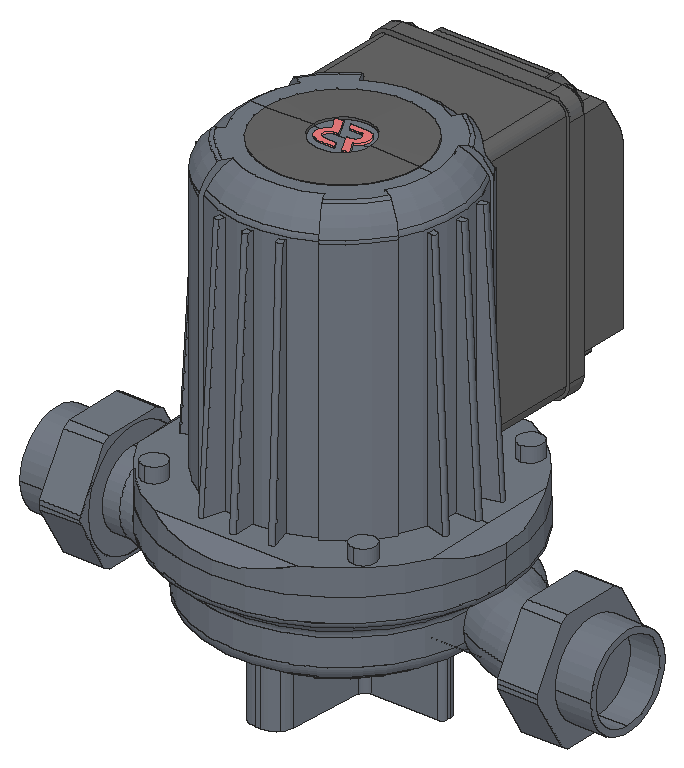
Revit family "Ридан_RWS 25-120S 200_Насос циркуляционный", category Оборудование, Revit 2019
Family settings
  Размер круглого соединителя = Использовать диаметр
  Классификация = Насос
  Тип детали = Вставляется
  На основе рабочей плоскости = Нет
  Всегда вертикально = Да
  При загрузке вырезать с полостями = Нет
  Общий = Нет
  Точка расчета площади = Нет
Parameters (values of type "015P1230 — RW 25-120S 200")
  Разработка семейства = "Вадим Муратов ♦ muratovbim.pro"  # constant formula
  Присоединительные фитинги [instance] = yes
  Отступ соединителей в фитинге [instance] = 0 mm
  Максимальный отступ [instance] = 12.5 mm  # constant formula
  Коэффициент расхода [instance] = 1
  Корпус = Ридан_Корпус насоса RW
  Длина фитинга = 7 mm  # constant formula
  Диаметр резьбы = 48 mm
  Диаметр подключения [instance] = if(Присоединительные фитинги, if(ADSK_Диаметр условный = 20 mm, 15 mm, if(ADSK_Диаметр условный = 25 mm, 20 mm, if(ADSK_Диаметр условный = 40 mm, 25 mm, if(ADSK_Диаметр условный = 50 mm, 32 mm, ADSK_Диаметр условный)))), ADSK_Диаметр условный)  # 25 mm
  e [instance] = if(Отступ соединителей в фитинге > Максимальный отступ, Максимальный отступ, Отступ соединителей в фитинге)  # 0 mm
  URL = "https://ridan.ru/"
  L1 = ADSK_Размер_Длина  # 200 mm
  L [instance] = if(Присоединительные фитинги, L1 + 2 * Длина фитинга + 2 * e, ADSK_Размер_Длина)  # 214 mm
  ADSK_Ток = 1.5 A
  ADSK_Свободный напор жидкости [instance] = 0.0 Pa
  ADSK_Расход жидкости [instance] = 0 m³/h
  ADSK_Размер_Длина = 200 mm
  ADSK_Полная мощность = ADSK_Номинальная мощность / ADSK_Коэффициент мощности  # 300 VA
  ADSK_Номинальная мощность = 300 W
  ADSK_Напряжение = 230 V
  ADSK_Наименование краткое = ""
  ADSK_Наименование = "Насос циркуляционный с мокрым ротором, длина 200 мм, G 1 1/2\" НР, Qном = 3 м³/ч, H=9.6 м, P=300 Вт, 220 В"
  ADSK_Масса_Текст = ""
  ADSK_Масса = 6.6
  ADSK_Марка = "RW 25-120S 200"
  ADSK_Коэффициент мощности = 1
  ADSK_Количество фаз = 1
  ADSK_Количество = 1  # constant formula
  ADSK_Код изделия = "015P1230"
  ADSK_Классификация нагрузок = Двигатель
  ADSK_Завод-изготовитель = "ООО «Ридан-Трейд»"  # constant formula
  ADSK_Единица измерения = "шт."
  ADSK_Диаметр условный = 40 mm
  ADSK_Версия семейства = "1.1"  # constant formula
  ADSK_Версия Revit = "2019"  # constant formula
Reference planes
  plane 1 "По центру (Вперед/Назад)": y = 0
  plane 2: z = 0
  plane 3 "По центру (Влево/Вправо)": x = 0
  plane 4: x = -100
  plane 5: x = 100
  plane 6: x = 88
  plane 7: x = -88
  plane 8: x = -107
  plane 9: x = 107
Forms (mm)
  Extrusion 1, solid, material "Ридан_Корпус насоса RW" <- "Корпус", detail levels fine
    sketch origin (0, 0, 0) x (0, 1, 0) y (0, 0, 1)
      loop
        line (2, -10) -> (2, 8) -> (-2, 8) -> (-2, -10)
        arc (-2, -10) -> (0, -12) -> (2, -10) r 2
    from 88 to 0
  Revolve 2, solid, material "Ридан_Корпус насоса RW" <- "Корпус", detail levels fine
    sketch origin (0, 0, 0) x (1, 0, 0) y (0, 0, 1)
      loop
        line (13.765, 0) -> (-2.235, 0) -> (-2.235, -22.012)
        arc (-2.235, -22.012) -> (9.079, -17.326) -> (13.765, -6.012) r 16
        line (13.765, -6.012) -> (13.765, 0)
      axis (-2.235, -22.012) -> (-2.235, 0)
    angle from 0 to 360
  Extrusion 3, solid, material "Ридан_Корпус насоса RW" <- "Корпус", detail levels fine
    sketch origin (0, 0, 0) x (0, 1, 0) y (0, 0, 1)
      loop
        circle (0, 0) r 24
    from 88 to 100
  Extrusion 4, solid, material "Ридан_Корпус насоса RW" <- "Корпус", detail levels fine
    sketch origin (0, 286.788, 409.576) x (0, 1, 0) y (0, 0, 1)
      loop
        circle (-286.788, -409.576) r 24
    from -100 to -88
  Sweep 5, solid, material "Ридан_Корпус насоса RW" <- "Корпус", detail levels fine
    path in 3D
      loop
        line (-2.106, 0, -9) -> (-54.606, 0, -9)
        arc (-54.606, 0, -9) -> (-62.565, 0, -7.699) -> (-69.695, 0, -3.932) r 25
        line (-69.695, 0, -3.932) -> (-70.338, 0, -3.446)
        arc (-70.338, 0, -3.446) -> (-75.187, 0, -0.884) -> (-80.599, 0, 0) r 17
        line (-80.599, 0, 0) -> (-88, 0, 0)
    profile origin (-28.356, 0, -9) x (0, 0, -1) y (0, -1, 0)
      loop
        circle (0, 0) r 16
  Extrusion 6, solid, material "Ридан_Корпус насоса RW" <- "Корпус", detail levels fine
    sketch origin (0, 0, 0) x (1, 0, 0) y (0, 1, 0)
      loop
        arc (9.08, 36.628) -> (6.535, 41.875) -> (1.105, 44) r 8
        line (1.105, 44) -> (-1.105, 44)
        arc (-1.105, 44) -> (-6.535, 41.875) -> (-9.08, 36.628) r 8
        line (-9.08, 36.628) -> (-11.49, 6.015)
        arc (-11.49, 6.015) -> (-12.444, 4.047) -> (-14.48, 3.25) r 3
        line (-14.48, 3.25) -> (-42.5, 3.25)
        arc (-42.5, 3.25) -> (-44.268, 2.518) -> (-45, 0.75) r 2.5
        line (-45, 0.75) -> (-45, -0.75)
        arc (-45, -0.75) -> (-44.268, -2.518) -> (-42.5, -3.25) r 2.5
        line (-42.5, -3.25) -> (-14.48, -3.25)
        arc (-14.48, -3.25) -> (-12.444, -4.047) -> (-11.49, -6.015) r 3
        line (-11.49, -6.015) -> (-9.08, -36.628)
        arc (-9.08, -36.628) -> (-8.528, -38.983) -> (-7.297, -41.065) r 8
        arc (-7.297, -41.065) -> (-4.531, -43.229) -> (-1.105, -44) r 8
        line (-1.105, -44) -> (1.105, -44)
        arc (1.105, -44) -> (4.531, -43.229) -> (7.297, -41.065) r 8
        arc (7.297, -41.065) -> (8.528, -38.983) -> (9.08, -36.628) r 8
        line (9.08, -36.628) -> (11.49, -6.015)
        arc (11.49, -6.015) -> (12.444, -4.047) -> (14.48, -3.25) r 3
        line (14.48, -3.25) -> (42.5, -3.25)
        arc (42.5, -3.25) -> (44.268, -2.518) -> (45, -0.75) r 2.5
        line (45, -0.75) -> (45, 0.75)
        arc (45, 0.75) -> (44.268, 2.518) -> (42.5, 3.25) r 2.5
        line (42.5, 3.25) -> (14.48, 3.25)
        arc (14.48, 3.25) -> (12.444, 4.047) -> (11.49, 6.015) r 3
        line (11.49, 6.015) -> (9.08, 36.628)
    from 0 to -40
  Sweep 7, solid, material "Ридан_Корпус насоса RW" <- "Корпус", detail levels fine
    path in 3D
      loop
        arc (88, 0, 0) -> (68.982, 4.216, 0) -> (53.528, 16.075, 0) r 45
        arc (53.528, 16.075, 0) -> (34.248, 31.115, 0) -> (10.509, 36.981, 0) r 58.61
    profile origin (68.982, 4.216, 0) x (-0.422618, -0.906308, 0) y (0, 0, 1)
      loop
        circle (0, 0) r 16
Cuts and joins
  joined: Extrusion 1, Revolve 2
Lines and regions (mm)
  reference lines
    curve 1: line (-107, 0, 0) -> (107, 0, 0)
    curve 2: line (-88, 0, 0) -> (-80.599, 0, 0)
    curve 3: line (-2.106, 0, -9) -> (-54.606, 0, -9)
    curve 4: line (-70.338, 0, -3.446) -> (-69.695, 0, -3.932)
    curve 5: arc (-80.599, 0, 0) -> (-75.187, 0, -0.884) -> (-70.338, 0, -3.446) r 17
    curve 6: arc (-54.606, 0, -9) -> (-62.565, 0, -7.699) -> (-69.695, 0, -3.932) r 25
    curve 12: arc (88, 0, 0) -> (68.982, 4.216, 0) -> (53.528, 16.075, 0) r 45
    curve 14: arc (53.528, 16.075, 0) -> (34.248, 31.115, 0) -> (10.509, 36.981, 0) r 58.61
  sketch lines
    curve 7: line (-2.106, 0, -9) -> (-54.606, 0, -9)
    curve 8: arc (-54.606, 0, -9) -> (-62.565, 0, -7.699) -> (-69.695, 0, -3.932) r 25
    curve 9: arc (-80.599, 0, 0) -> (-75.187, 0, -0.884) -> (-70.338, 0, -3.446) r 17
    curve 10: line (-88, 0, 0) -> (-80.599, 0, 0)
    curve 11: line (-70.338, 0, -3.446) -> (-69.695, 0, -3.932)
    curve 13: arc (88, 0, 0) -> (68.982, 4.216, 0) -> (53.528, 16.075, 0) r 45
    curve 15: arc (53.528, 16.075, 0) -> (34.248, 31.115, 0) -> (10.509, 36.981, 0) r 58.61
Dimensions and locks
  "ADSK_Размер_Длина": plane 5 to plane 4
  locked: plane 7 to plane 4 at 12
  plane 6 to plane 5 = 12 mm
  equal spacing: plane 5, plane 3 "По центру (Влево/Вправо)", plane 4
  equal spacing: plane 8, plane 3 "По центру (Влево/Вправо)", plane 9
  "L": plane 8 to plane 9
  "Диаметр резьбы": diameter of Extrusion 3 sketch curve
  "Диаметр резьбы": diameter of Extrusion 4 sketch curve
  aligned and locked: level to plane 2
  aligned and locked: curve 1 to level
  aligned and locked: nested 1 to plane 1 "По центру (Вперед/Назад)"
  aligned and locked: plane 3 "По центру (Влево/Вправо)" to nested 1
  aligned and locked: nested 2 to level
  aligned and locked: plane 3 "По центру (Влево/Вправо)" to nested 2
  aligned and locked: Extrusion 1 to plane 6
  aligned and locked: plane 2 to Extrusion 3 sketch curve
  aligned and locked: plane 1 "По центру (Вперед/Назад)" to Extrusion 3 sketch curve
  aligned and locked: plane 2 to Extrusion 4 sketch curve
  aligned and locked: plane 1 "По центру (Вперед/Назад)" to Extrusion 4 sketch curve
  aligned and locked: plane 7 to Extrusion 4
  aligned and locked: Extrusion 4 to plane 4
  aligned and locked: plane 6 to Extrusion 3
  aligned and locked: Extrusion 3 to plane 5
  aligned and locked: plane 1 "По центру (Вперед/Назад)" to nested 3
  aligned and locked: plane 3 "По центру (Влево/Вправо)" to nested 3
  aligned and locked: plane 3 "По центру (Влево/Вправо)" to nested 4
  aligned and locked: plane 1 "По центру (Вперед/Назад)" to nested 4
  aligned and locked: plane 9 to curve 1
  aligned and locked: plane 8 to curve 1
Automatic sketch dimensions
  Extrusion 1 sketch curve to plane 1 "По центру (Вперед/Назад)" = 0 mm
  plane 1 "По центру (Вперед/Назад)" to Extrusion 1 sketch curve = 2 mm
  Extrusion 1 sketch curve to level = 10 mm
  Sweep 5 sketch curve to profile plane = 0 mm  (x2)
  level to Extrusion 1 sketch curve = 8 mm
  Revolve 2 sketch curve to plane 3 "По центру (Влево/Вправо)" = 2.235 mm
  Revolve 2 sketch curve to level = 0 mm
  plane 3 "По центру (Влево/Вправо)" to Revolve 2 sketch curve = 13.765 mm
  Revolve 2 sketch curve to Revolve 2 sketch curve = 6.012 mm
  Revolve 2 sketch curve to Revolve 2 sketch curve = 0 mm
  Revolve 2 sketch curve to Revolve 2 sketch curve = 2.235 mm
  Revolve 2 sketch curve to Revolve 2 sketch curve = 2 mm
  curve 2 to level = 0 mm
  curve 2 to plane 7 = 0 mm
  plane 7 to curve 2 = 7.401 mm
  curve 4 to level = 3.446 mm
  curve 2 to curve 4 = 10.261 mm
  curve 4 to level = 3.932 mm
  curve 4 to curve 4 = 0.643 mm
  curve 6 to curve 6 = 15.09 mm
  curve 3 to level = 9 mm
  curve 3 to plane 3 "По центру (Влево/Вправо)" = 2.106 mm
  Extrusion 6 sketch curve to Extrusion 6 sketch curve = 0 mm  (x8)
  plane 1 "По центру (Вперед/Назад)" to Extrusion 6 sketch curve = 0.75 mm
  plane 5 to Extrusion 6 sketch curve = 145 mm
  Extrusion 6 sketch curve to Extrusion 6 sketch curve = 2.5 mm  (x2)
  Extrusion 6 sketch curve to Extrusion 6 sketch curve = 28.02 mm  (x2)
  Extrusion 6 sketch curve to plane 1 "По центру (Вперед/Назад)" = 6.015 mm  (x2)
  Extrusion 6 sketch curve to Extrusion 6 sketch curve = 2.991 mm  (x4)
  plane 1 "По центру (Вперед/Назад)" to Extrusion 6 sketch curve = 6.015 mm  (x2)
  plane 1 "По центру (Вперед/Назад)" to Extrusion 6 sketch curve = 36.628 mm  (x2)
  Extrusion 6 sketch curve to Extrusion 6 sketch curve = 2.409 mm  (x2)
  Extrusion 6 sketch curve to plane 1 "По центру (Вперед/Назад)" = 36.628 mm  (x2)
  Extrusion 6 sketch curve to Extrusion 6 sketch curve = 7.975 mm  (x4)
  Extrusion 6 sketch curve to Extrusion 6 sketch curve = 2.21 mm  (x2)
  Extrusion 6 sketch curve to Extrusion 6 sketch curve = 22.979 mm
  Extrusion 6 sketch curve to Extrusion 6 sketch curve = 7.372 mm
  Extrusion 6 sketch curve to Extrusion 6 sketch curve = 0.235 mm
  Extrusion 6 sketch curve to Extrusion 6 sketch curve = 1.5 mm  (x2)
  Extrusion 6 sketch curve to plane 1 "По центру (Вперед/Назад)" = 36 mm
  Extrusion 6 sketch curve to Extrusion 6 sketch curve = 1.783 mm  (x2)
  Sweep 7 sketch curve to profile plane = 0 mm
  profile plane to Sweep 7 sketch curve = 0 mm
  plane 1 "По центру (Вперед/Назад)" to curve 12 = 0 mm
  curve 12 to plane 6 = 0 mm
  plane 3 "По центру (Влево/Вправо)" to curve 14 = 8.63 mm
  plane 1 "По центру (Вперед/Назад)" to curve 14 = 21.599 mm
  curve 12 to plane 1 "По центру (Вперед/Назад)" = 45 mm
  curve 14 to curve 12 = 0 mm
  plane 3 "По центру (Влево/Вправо)" to curve 14 = 10.509 mm
  curve 1 to plane 9 = 0 mm
  curve 1 to plane 8 = 0 mm
  radius of Sweep 5 sketch curve = 16 mm
  radius of Sweep 7 sketch curve = 16 mm
Nested families
  nested 1: "УГО_ОБРД_Насос" at (0, 0, 0) x (1, 0, 0) z (0, 1, 0), D1 <- "ADSK_Размер_Длина", type "УГО_Насос", detail levels coarse+medium
    with УГО_D 197 mm, D1 200 mm, B 49.25 mm, A 170.607 mm
  nested 2: "УГО_ЭУ_Насос" at (0, 0, 0) x (1, 0, 0) z (0, -1, 0), Длина <- "ADSK_Размер_Длина", type "УГО_ЭУ_Насос", detail levels coarse+medium
    with Длина 200 mm, D 200 mm, A2 50 mm, A1 100 mm
  nested 3: "Ридан_Двигатель RW_300" at (0, 0, 0), type "Ридан_Двигатель RW_300", detail levels fine
  nested 4: "Присоединительные фитинги" at (0, 0, 0), Материал <- "Корпус", G <- "ADSK_Диаметр условный", visible <- "Присоединительные фитинги", type "Присоединительные фитинги"
    with Материал Ридан_Корпус насоса RW, x 0 mm, swd2 55.735 mm, swd1 57.735 mm, f 33.5 mm, e1 12.5 mm, e 12.5 mm, SW 50 mm, S 12.5 mm, R 25 mm, L2 15.2 mm, L1 16.8 mm, G 40 mm, DR 38.5 mm, DG 48 mm, L 200 mm
Connectors
  piping at (-107, 0, 0), diameter 25, driven by "Диаметр подключения", driven by "ADSK_Расход жидкости", driven by "Коэффициент расхода"
    settings: on curve 1, index 1, connector inside diameter 609.6 mm, connector length 0 mm, flow factor 1, pipe flow 0 m³/h, pressure drop 0.0 Pa, fitting loss kfactor 0, connector angle 0.00°, fixture units 0, engagement length 0 mm, angle of deflection 0.00°, flow configuration 2, flow direction 1, fitting loss method 0, system type 29, joint type 0, gender type 0, connector reference index 2, connector utility 0, adjustable connector no, is connector primary yes, connector description ""
  piping at (107, 0, 0), diameter 25, driven by "Диаметр подключения", driven by "ADSK_Расход жидкости", driven by "Коэффициент расхода"
    settings: on curve 1, index 2, connector inside diameter 609.6 mm, connector length 0 mm, flow factor 1, pipe flow 0 m³/h, pressure drop 0.0 Pa, fitting loss kfactor 0, connector angle 0.00°, fixture units 0, engagement length 0 mm, angle of deflection 0.00°, flow configuration 2, flow direction 2, fitting loss method 0, system type 29, joint type 0, gender type 0, connector reference index 1, connector utility 0, adjustable connector no, is connector primary no, connector description ""
  electrical at (-60.5, 60.3, 76), driven by "ADSK_Количество фаз", driven by "ADSK_Классификация нагрузок", driven by "ADSK_Напряжение", driven by "ADSK_Полная мощность", driven by "ADSK_Коэффициент мощности"
    settings: on nested 3, index 3, voltage 230 V, apparent load 300 VA, apparent load phase1 0 VA, apparent load phase2 0 VA, apparent load phase3 0 VA, power factor 1, load classification "Двигатель", number of poles 1, system type 30, power factor state 1, is connector primary yes, connector utility no, sub classification motor no, connector description ""
Definition of nested family "УГО_ОБРД_Насос"
  Parameters (values of type "УГО_Насос")
    УГО_D [instance] = D1 - 3 mm  # 197 mm
    D1 [instance] = 200 mm
    B [instance] = УГО_D / 4  # 49.25 mm
    A [instance] = 0.5 * УГО_D * sqrt(2 * (1 - cos(120.00°)))  # 170.607 mm
  Reference planes
    plane 1 "По центру (Вперед/Назад)": y = 0
    plane 2: z = 0
    plane 3 "По центру (Влево/Вправо)": x = 0
  Forms (mm)
    Extrusion 1, solid
      sketch origin (0, 0, 0) x (1, 0, 0) y (0, 0, 1)
        loop
          circle (0, 0) r 100
        loop
          line (98.5, 0) -> (-49.25, 85.304) -> (-49.25, -85.304) -> (98.5, 0)
      from -1 to 1
    Extrusion 2, solid
      sketch origin (0, 0, 0) x (1, 0, 0) y (0, 0, 1)
        loop
          line (-49.25, 85.304) -> (-49.25, -85.304) -> (98.5, 0) -> (-49.25, 85.304)
      from -1 to 1
  Dimensions and locks
    "A": Extrusion 1 sketch curve to Extrusion 1 sketch curve  (x2)
    "A": Extrusion 2 sketch curve to Extrusion 2 sketch curve  (x2)
    "B": Extrusion 1 sketch curve to plane 3 "По центру (Влево/Вправо)"
    "B": Extrusion 2 sketch curve to plane 3 "По центру (Влево/Вправо)"
    equal spacing: Extrusion 2 sketch curve, plane 2, Extrusion 2 sketch curve
    equal spacing: Extrusion 1 sketch curve, plane 2, Extrusion 1 sketch curve
    "D1": diameter of Extrusion 1 sketch curve
    locked: level to Extrusion 1 sketch curve (angle 30.00°)
    locked: Extrusion 1 sketch curve to level (angle 30.00°)
    locked: Extrusion 1 to plane 2 (angle 30.00°)
    locked: plane 2 to Extrusion 1 (angle 30.00°)
    aligned and locked: level to plane 2
  Automatic sketch dimensions
    Extrusion 1 sketch curve to level = 0 mm
    Extrusion 1 sketch curve to plane 3 "По центру (Влево/Вправо)" = 0 mm
    Extrusion 2 sketch curve to level = 0 mm
Definition of nested family "Ридан_Двигатель RW_300"
  Reference planes
    plane 1 "По центру (Вперед/Назад)": y = 0
    plane 2: z = 0
    plane 3 "По центру (Влево/Вправо)": x = 0
    plane 4 "1": z = 76
    plane 5: y = 60.272
  Forms (mm)
    Revolve 1, solid
      sketch origin (0, 0, 0) x (1, 0, 0) y (0, 0, 1)
        loop
          arc (-68.5, 18.302) -> (-68.161, 16.916) -> (-67.221, 15.844) r 3
          line (-67.221, 15.844) -> (-58.263, 9.572)
          arc (-58.263, 9.572) -> (-57.01, 8.142) -> (-56.558, 6.295) r 4
          line (-56.558, 6.295) -> (-56.558, -5)
          arc (-56.558, -5) -> (-54.872, -9.17) -> (-50.763, -10.997) r 6.001
          arc (-50.763, -10.997) -> (-50.035, -11.162) -> (-49.418, -11.582) r 2
          line (-49.418, -11.582) -> (-46.379, -14.621)
          arc (-46.379, -14.621) -> (-45.405, -15.272) -> (-44.257, -15.5) r 3
          line (-44.257, -15.5) -> (0, -15.5) -> (0, 28) -> (-68.5, 28) -> (-68.5, 18.302)
        axis (0, -15.5) -> (0, 28)
      angle from 0 to 360
    Revolve 2, solid
      sketch origin (0, 0, 0) x (1, 0, 0) y (0, 0, 1)
        loop
          line (0, 28) -> (0, 39) -> (-68.411, 39) -> (-68.411, 28) -> (0, 28)
        axis (0, 28) -> (0, 39)
      angle from 0 to 360
    Extrusion 3, void
      sketch origin (0, 0, 0) x (1, 0, 0) y (0, 0, 1)
        loop
          line (-68.411, 33.57) -> (-61.5, 39) -> (-68.411, 39) -> (-68.411, 33.57)
        loop
          line (68.411, 33.57) -> (68.411, 39) -> (61.5, 39) -> (68.411, 33.57)
      from -40 to 40
    Extrusion 4, void
      sketch origin (0, 0, 0) x (0, 1, 0) y (0, 0, 1)
        loop
          line (-68.411, 33.57) -> (-61.5, 39) -> (-68.411, 39) -> (-68.411, 33.57)
        loop
          line (68.411, 33.57) -> (68.411, 39) -> (61.5, 39) -> (68.411, 33.57)
      from -40 to 40
    Extrusion 5, solid
      sketch origin (0, 0, 0) x (1, 0, 0) y (0, 1, 0)
        loop
          circle (-43.841, -43.841) r 5
        loop
          circle (43.841, -43.841) r 5
        loop
          circle (-43.841, 43.841) r 5
        loop
          circle (43.841, 43.841) r 5
      from 39 to 45
    Revolve 6, solid
      sketch origin (0, 0, 0) x (1, 0, 0) y (0, 0, 1)
        loop
          line (50.28, 39) -> (50.28, 150.232)
          arc (50.28, 150.232) -> (50.231, 150.932) -> (50.084, 151.619) r 5
          arc (50.084, 151.619) -> (47.596, 157.186) -> (43.676, 161.857) r 22
          arc (43.676, 161.857) -> (42.899, 162.334) -> (42.003, 162.5) r 2.5
          line (42.003, 162.5) -> (0, 162.5) -> (0, 39) -> (50.28, 39)
        axis (0, 39) -> (0, 162.5)
      angle from 0 to 360
    Revolve 7, void
      sketch origin (0, 0, 0) x (1, 0, 0) y (0, 0, 1)
        loop
          arc (36.53, 163.5) -> (43.234, 158.899) -> (48.107, 152.391) r 25
          arc (48.107, 152.391) -> (48.527, 151.272) -> (48.67, 150.085) r 5
          line (48.67, 150.085) -> (48.67, 39) -> (52.335, 39) -> (52.335, 163.5) -> (36.53, 163.5)
        axis (0, 39) -> (0, 163.5)
      angle from -30 to 30
    Revolve 8, void
      sketch origin (0, 0, 0) x (-1, 0, 0) y (0, 0, 1)
        loop
          arc (36.53, 163.5) -> (43.234, 158.899) -> (48.107, 152.391) r 25
          arc (48.107, 152.391) -> (48.527, 151.272) -> (48.67, 150.085) r 5
          line (48.67, 150.085) -> (48.67, 39) -> (52.335, 39) -> (52.335, 163.5) -> (36.53, 163.5)
        axis (0, 39) -> (0, 163.5)
      angle from -30 to 30
    Revolve 9, void
      sketch origin (0, 0, 0) x (0, 1, 0) y (0, 0, 1)
        loop
          arc (36.53, 163.5) -> (43.234, 158.899) -> (48.107, 152.391) r 25
          arc (48.107, 152.391) -> (48.527, 151.272) -> (48.67, 150.085) r 5
          line (48.67, 150.085) -> (48.67, 39) -> (52.335, 39) -> (52.335, 163.5) -> (36.53, 163.5)
        axis (0, 39) -> (0, 163.5)
      angle from -30 to 30
    Revolve 10, void
      sketch origin (0, 0, 0) x (0, -1, 0) y (0, 0, -1)
        loop
          line (36.53, -163.5) -> (52.335, -163.5) -> (52.335, -39) -> (48.67, -39) -> (48.67, -150.085)
          arc (48.67, -150.085) -> (48.527, -151.272) -> (48.107, -152.391) r 5
          arc (48.107, -152.391) -> (43.234, -158.899) -> (36.53, -163.5) r 25
        axis (0, -39) -> (0, -163.5)
      angle from -30 to 30
    Revolve 11, solid
      sketch origin (0, 0, 0) x (1, 0, 0) y (0, 0, 1)
        loop
          line (12, 163.197) -> (12, 161.5) -> (32.337, 161.5) -> (32.337, 162.5) -> (12, 163.197)
        axis (0, 161.5) -> (0, 163.197)
      angle from 0 to 360
    Blend 12, solid
      base sketch origin (0, 0, 0) x (1, 0, 0) y (0, 1, 0)
        loop
          line (-47.134, 1.25) -> (-57.034, 1.25)
          spline (-57.034, 1.25) -> (-57.293, 1.207) -> (-57.534, 1.083) -> (-57.741, 0.884) -> (-57.9, 0.625) -> (-58, 0.324) -> (-58.034, 0) -> (-58, -0.324) -> (-57.9, -0.625) -> (-57.741, -0.884) -> (-57.534, -1.083) -> (-57.293, -1.207) -> (-57.034, -1.25)
          line (-57.034, -1.25) -> (-47.134, -1.25) -> (-47.134, 1.25)
      top sketch origin (0, 0, 0) x (1, 0, 0) y (0, 1, 0)
        loop
          line (-47.134, 1.25) -> (-51.007, 1.25)
          spline (-51.007, 1.25) -> (-51.266, 1.207) -> (-51.507, 1.083) -> (-51.714, 0.884) -> (-51.873, 0.625) -> (-51.973, 0.324) -> (-52.007, 0) -> (-51.973, -0.324) -> (-51.873, -0.625) -> (-51.714, -0.884) -> (-51.507, -1.083) -> (-51.266, -1.207) -> (-51.007, -1.25)
          line (-51.007, -1.25) -> (-47.134, -1.25) -> (-47.134, 1.25)
      from 39 to 149
    Blend 13, solid
      base sketch origin (0, 0, 0) x (0.965926, -0.258819, 0) y (0.258819, 0.965926, 0)
        loop
          line (-47.134, 1.25) -> (-57.034, 1.25)
          spline (-57.034, 1.25) -> (-57.293, 1.207) -> (-57.534, 1.083) -> (-57.741, 0.884) -> (-57.9, 0.625) -> (-58, 0.324) -> (-58.034, 0) -> (-58, -0.324) -> (-57.9, -0.625) -> (-57.741, -0.884) -> (-57.534, -1.083) -> (-57.293, -1.207) -> (-57.034, -1.25)
          line (-57.034, -1.25) -> (-47.134, -1.25) -> (-47.134, 1.25)
      top sketch origin (0, 0, 0) x (0.965926, -0.258819, 0) y (0.258819, 0.965926, 0)
        loop
          line (-47.134, 1.25) -> (-51.007, 1.25)
          spline (-51.007, 1.25) -> (-51.266, 1.207) -> (-51.507, 1.083) -> (-51.714, 0.884) -> (-51.873, 0.625) -> (-51.973, 0.324) -> (-52.007, 0) -> (-51.973, -0.324) -> (-51.873, -0.625) -> (-51.714, -0.884) -> (-51.507, -1.083) -> (-51.266, -1.207) -> (-51.007, -1.25)
          line (-51.007, -1.25) -> (-47.134, -1.25) -> (-47.134, 1.25)
      from 39 to 149
    Blend 14, solid
      base sketch origin (0, 0, 0) x (0.965926, 0.258819, 0) y (-0.258819, 0.965926, 0)
        loop
          line (-47.134, -1.25) -> (-47.134, 1.25) -> (-57.034, 1.25)
          spline (-57.034, 1.25) -> (-57.293, 1.207) -> (-57.534, 1.083) -> (-57.741, 0.884) -> (-57.9, 0.625) -> (-58, 0.324) -> (-58.034, 0) -> (-58, -0.324) -> (-57.9, -0.625) -> (-57.741, -0.884) -> (-57.534, -1.083) -> (-57.293, -1.207) -> (-57.034, -1.25)
          line (-57.034, -1.25) -> (-47.134, -1.25)
      top sketch origin (0, 0, 0) x (0.965926, 0.258819, 0) y (-0.258819, 0.965926, 0)
        loop
          line (-47.134, -1.25) -> (-47.134, 1.25) -> (-51.007, 1.25)
          spline (-51.007, 1.25) -> (-51.266, 1.207) -> (-51.507, 1.083) -> (-51.714, 0.884) -> (-51.873, 0.625) -> (-51.973, 0.324) -> (-52.007, 0) -> (-51.973, -0.324) -> (-51.873, -0.625) -> (-51.714, -0.884) -> (-51.507, -1.083) -> (-51.266, -1.207) -> (-51.007, -1.25)
          line (-51.007, -1.25) -> (-47.134, -1.25)
      from 39 to 149
    Blend 15, solid
      base sketch origin (0, 0, 0) x (-1, 0, 0) y (0, -1, 0)
        loop
          line (-47.134, -1.25) -> (-47.134, 1.25) -> (-57.034, 1.25)
          spline (-57.034, 1.25) -> (-57.293, 1.207) -> (-57.534, 1.083) -> (-57.741, 0.884) -> (-57.9, 0.625) -> (-58, 0.324) -> (-58.034, 0) -> (-58, -0.324) -> (-57.9, -0.625) -> (-57.741, -0.884) -> (-57.534, -1.083) -> (-57.293, -1.207) -> (-57.034, -1.25)
          line (-57.034, -1.25) -> (-47.134, -1.25)
      top sketch origin (0, 0, 0) x (-1, 0, 0) y (0, -1, 0)
        loop
          line (-47.134, -1.25) -> (-47.134, 1.25) -> (-51.007, 1.25)
          spline (-51.007, 1.25) -> (-51.266, 1.207) -> (-51.507, 1.083) -> (-51.714, 0.884) -> (-51.873, 0.625) -> (-51.973, 0.324) -> (-52.007, 0) -> (-51.973, -0.324) -> (-51.873, -0.625) -> (-51.714, -0.884) -> (-51.507, -1.083) -> (-51.266, -1.207) -> (-51.007, -1.25)
          line (-51.007, -1.25) -> (-47.134, -1.25)
      from 39 to 149
    Blend 16, solid
      base sketch origin (0, 0, 0) x (-0.965926, -0.258819, 0) y (0.258819, -0.965926, 0)
        loop
          line (-47.134, -1.25) -> (-47.134, 1.25) -> (-57.034, 1.25)
          spline (-57.034, 1.25) -> (-57.293, 1.207) -> (-57.534, 1.083) -> (-57.741, 0.884) -> (-57.9, 0.625) -> (-58, 0.324) -> (-58.034, 0) -> (-58, -0.324) -> (-57.9, -0.625) -> (-57.741, -0.884) -> (-57.534, -1.083) -> (-57.293, -1.207) -> (-57.034, -1.25)
          line (-57.034, -1.25) -> (-47.134, -1.25)
      top sketch origin (0, 0, 0) x (-0.965926, -0.258819, 0) y (0.258819, -0.965926, 0)
        loop
          line (-47.134, -1.25) -> (-47.134, 1.25) -> (-51.007, 1.25)
          spline (-51.007, 1.25) -> (-51.266, 1.207) -> (-51.507, 1.083) -> (-51.714, 0.884) -> (-51.873, 0.625) -> (-51.973, 0.324) -> (-52.007, 0) -> (-51.973, -0.324) -> (-51.873, -0.625) -> (-51.714, -0.884) -> (-51.507, -1.083) -> (-51.266, -1.207) -> (-51.007, -1.25)
          line (-51.007, -1.25) -> (-47.134, -1.25)
      from 39 to 149
    Blend 17, solid
      base sketch origin (0, 0, 0) x (-0.965926, 0.258819, 0) y (-0.258819, -0.965926, 0)
        loop
          line (-47.134, 1.25) -> (-57.034, 1.25)
          spline (-57.034, 1.25) -> (-57.293, 1.207) -> (-57.534, 1.083) -> (-57.741, 0.884) -> (-57.9, 0.625) -> (-58, 0.324) -> (-58.034, 0) -> (-58, -0.324) -> (-57.9, -0.625) -> (-57.741, -0.884) -> (-57.534, -1.083) -> (-57.293, -1.207) -> (-57.034, -1.25)
          line (-57.034, -1.25) -> (-47.134, -1.25) -> (-47.134, 1.25)
      top sketch origin (0, 0, 0) x (-0.965926, 0.258819, 0) y (-0.258819, -0.965926, 0)
        loop
          line (-47.134, 1.25) -> (-51.007, 1.25)
          spline (-51.007, 1.25) -> (-51.266, 1.207) -> (-51.507, 1.083) -> (-51.714, 0.884) -> (-51.873, 0.625) -> (-51.973, 0.324) -> (-52.007, 0) -> (-51.973, -0.324) -> (-51.873, -0.625) -> (-51.714, -0.884) -> (-51.507, -1.083) -> (-51.266, -1.207) -> (-51.007, -1.25)
          line (-51.007, -1.25) -> (-47.134, -1.25) -> (-47.134, 1.25)
      from 39 to 149
    Blend 18, solid
      base sketch origin (0, 0, 0) x (0, -1, 0) y (1, 0, 0)
        loop
          line (-47.134, 1.25) -> (-57.034, 1.25)
          spline (-57.034, 1.25) -> (-57.293, 1.207) -> (-57.534, 1.083) -> (-57.741, 0.884) -> (-57.9, 0.625) -> (-58, 0.324) -> (-58.034, 0) -> (-58, -0.324) -> (-57.9, -0.625) -> (-57.741, -0.884) -> (-57.534, -1.083) -> (-57.293, -1.207) -> (-57.034, -1.25)
          line (-57.034, -1.25) -> (-47.134, -1.25) -> (-47.134, 1.25)
      top sketch origin (0, 0, 0) x (0, -1, 0) y (1, 0, 0)
        loop
          line (-47.134, 1.25) -> (-51.007, 1.25)
          spline (-51.007, 1.25) -> (-51.266, 1.207) -> (-51.507, 1.083) -> (-51.714, 0.884) -> (-51.873, 0.625) -> (-51.973, 0.324) -> (-52.007, 0) -> (-51.973, -0.324) -> (-51.873, -0.625) -> (-51.714, -0.884) -> (-51.507, -1.083) -> (-51.266, -1.207) -> (-51.007, -1.25)
          line (-51.007, -1.25) -> (-47.134, -1.25) -> (-47.134, 1.25)
      from 39 to 149
    Blend 19, solid
      base sketch origin (0, 0, 0) x (-0.258819, -0.965926, 0) y (0.965926, -0.258819, 0)
        loop
          line (-47.134, 1.25) -> (-57.034, 1.25)
          spline (-57.034, 1.25) -> (-57.293, 1.207) -> (-57.534, 1.083) -> (-57.741, 0.884) -> (-57.9, 0.625) -> (-58, 0.324) -> (-58.034, 0) -> (-58, -0.324) -> (-57.9, -0.625) -> (-57.741, -0.884) -> (-57.534, -1.083) -> (-57.293, -1.207) -> (-57.034, -1.25)
          line (-57.034, -1.25) -> (-47.134, -1.25) -> (-47.134, 1.25)
      top sketch origin (0, 0, 0) x (-0.258819, -0.965926, 0) y (0.965926, -0.258819, 0)
        loop
          line (-47.134, 1.25) -> (-51.007, 1.25)
          spline (-51.007, 1.25) -> (-51.266, 1.207) -> (-51.507, 1.083) -> (-51.714, 0.884) -> (-51.873, 0.625) -> (-51.973, 0.324) -> (-52.007, 0) -> (-51.973, -0.324) -> (-51.873, -0.625) -> (-51.714, -0.884) -> (-51.507, -1.083) -> (-51.266, -1.207) -> (-51.007, -1.25)
          line (-51.007, -1.25) -> (-47.134, -1.25) -> (-47.134, 1.25)
      from 39 to 149
    Blend 20, solid
      base sketch origin (0, 0, 0) x (0.258819, -0.965926, 0) y (0.965926, 0.258819, 0)
        loop
          line (-47.134, -1.25) -> (-47.134, 1.25) -> (-57.034, 1.25)
          spline (-57.034, 1.25) -> (-57.293, 1.207) -> (-57.534, 1.083) -> (-57.741, 0.884) -> (-57.9, 0.625) -> (-58, 0.324) -> (-58.034, 0) -> (-58, -0.324) -> (-57.9, -0.625) -> (-57.741, -0.884) -> (-57.534, -1.083) -> (-57.293, -1.207) -> (-57.034, -1.25)
          line (-57.034, -1.25) -> (-47.134, -1.25)
      top sketch origin (0, 0, 0) x (0.258819, -0.965926, 0) y (0.965926, 0.258819, 0)
        loop
          line (-47.134, -1.25) -> (-47.134, 1.25) -> (-51.007, 1.25)
          spline (-51.007, 1.25) -> (-51.266, 1.207) -> (-51.507, 1.083) -> (-51.714, 0.884) -> (-51.873, 0.625) -> (-51.973, 0.324) -> (-52.007, 0) -> (-51.973, -0.324) -> (-51.873, -0.625) -> (-51.714, -0.884) -> (-51.507, -1.083) -> (-51.266, -1.207) -> (-51.007, -1.25)
          line (-51.007, -1.25) -> (-47.134, -1.25)
      from 39 to 149
    Blend 21, solid
      base sketch origin (0, 0, 0) x (0, 1, 0) y (-1, 0, 0)
        loop
          line (-47.134, -1.25) -> (-47.134, 1.25) -> (-57.034, 1.25)
          spline (-57.034, 1.25) -> (-57.293, 1.207) -> (-57.534, 1.083) -> (-57.741, 0.884) -> (-57.9, 0.625) -> (-58, 0.324) -> (-58.034, 0) -> (-58, -0.324) -> (-57.9, -0.625) -> (-57.741, -0.884) -> (-57.534, -1.083) -> (-57.293, -1.207) -> (-57.034, -1.25)
          line (-57.034, -1.25) -> (-47.134, -1.25)
      top sketch origin (0, 0, 0) x (0, 1, 0) y (-1, 0, 0)
        loop
          line (-47.134, -1.25) -> (-47.134, 1.25) -> (-51.007, 1.25)
          spline (-51.007, 1.25) -> (-51.266, 1.207) -> (-51.507, 1.083) -> (-51.714, 0.884) -> (-51.873, 0.625) -> (-51.973, 0.324) -> (-52.007, 0) -> (-51.973, -0.324) -> (-51.873, -0.625) -> (-51.714, -0.884) -> (-51.507, -1.083) -> (-51.266, -1.207) -> (-51.007, -1.25)
          line (-51.007, -1.25) -> (-47.134, -1.25)
      from 39 to 149
    Blend 22, solid
      base sketch origin (0, 0, 0) x (-0.258819, 0.965926, 0) y (-0.965926, -0.258819, 0)
        loop
          line (-47.134, -1.25) -> (-47.134, 1.25) -> (-57.034, 1.25)
          spline (-57.034, 1.25) -> (-57.293, 1.207) -> (-57.534, 1.083) -> (-57.741, 0.884) -> (-57.9, 0.625) -> (-58, 0.324) -> (-58.034, 0) -> (-58, -0.324) -> (-57.9, -0.625) -> (-57.741, -0.884) -> (-57.534, -1.083) -> (-57.293, -1.207) -> (-57.034, -1.25)
          line (-57.034, -1.25) -> (-47.134, -1.25)
      top sketch origin (0, 0, 0) x (-0.258819, 0.965926, 0) y (-0.965926, -0.258819, 0)
        loop
          line (-47.134, -1.25) -> (-47.134, 1.25) -> (-51.007, 1.25)
          spline (-51.007, 1.25) -> (-51.266, 1.207) -> (-51.507, 1.083) -> (-51.714, 0.884) -> (-51.873, 0.625) -> (-51.973, 0.324) -> (-52.007, 0) -> (-51.973, -0.324) -> (-51.873, -0.625) -> (-51.714, -0.884) -> (-51.507, -1.083) -> (-51.266, -1.207) -> (-51.007, -1.25)
          line (-51.007, -1.25) -> (-47.134, -1.25)
      from 39 to 149
    Blend 23, solid
      base sketch origin (0, 0, 0) x (0.258819, 0.965926, 0) y (-0.965926, 0.258819, 0)
        loop
          line (-47.134, 1.25) -> (-57.034, 1.25)
          spline (-57.034, 1.25) -> (-57.293, 1.207) -> (-57.534, 1.083) -> (-57.741, 0.884) -> (-57.9, 0.625) -> (-58, 0.324) -> (-58.034, 0) -> (-58, -0.324) -> (-57.9, -0.625) -> (-57.741, -0.884) -> (-57.534, -1.083) -> (-57.293, -1.207) -> (-57.034, -1.25)
          line (-57.034, -1.25) -> (-47.134, -1.25) -> (-47.134, 1.25)
      top sketch origin (0, 0, 0) x (0.258819, 0.965926, 0) y (-0.965926, 0.258819, 0)
        loop
          line (-47.134, 1.25) -> (-51.007, 1.25)
          spline (-51.007, 1.25) -> (-51.266, 1.207) -> (-51.507, 1.083) -> (-51.714, 0.884) -> (-51.873, 0.625) -> (-51.973, 0.324) -> (-52.007, 0) -> (-51.973, -0.324) -> (-51.873, -0.625) -> (-51.714, -0.884) -> (-51.507, -1.083) -> (-51.266, -1.207) -> (-51.007, -1.25)
          line (-51.007, -1.25) -> (-47.134, -1.25) -> (-47.134, 1.25)
      from 39 to 149
    Extrusion 24, solid
      sketch origin (0, 0, 0) x (1, 0, 0) y (0, 1, 0)
        loop
          line (-1.477, 0) -> (-3.719, 4.127) -> (-5.579, 7.561) -> (-9.034, 7.561) -> (-5.579, 1.836)
          arc (-5.579, 1.836) -> (-8.707, -3.501) -> (-3.977, -7.488) r 4.8
          line (-3.977, -7.488) -> (2.648, -7.488) -> (1.289, -5.033) -> (-3.313, -5.033)
          arc (-3.313, -5.033) -> (-5.841, -2.735) -> (-3.794, 0) r 2.539
          line (-3.794, 0) -> (-1.477, 0)
        loop
          line (4.486, 7.561) -> (-2.383, 7.561) -> (-1.024, 5.057) -> (3.579, 5.057)
          spline (3.579, 5.057) -> (4.2, 4.971) -> (4.779, 4.719) -> (5.276, 4.317) -> (5.657, 3.794) -> (5.897, 3.185) -> (5.979, 2.532) -> (5.897, 1.878) -> (5.657, 1.269) -> (5.276, 0.746) -> (4.779, 0.344) -> (4.2, 0.092) -> (3.579, 0.006)
          line (3.579, 0.006) -> (1.697, 0.006) -> (5.869, -7.488) -> (9.304, -7.488) -> (5.83, -1.823)
          arc (5.83, -1.823) -> (9.226, 3.452) -> (4.486, 7.561) r 4.789
      from 161.5 to 163
    Extrusion 25, solid
      sketch origin (0.75, 0, 0) x (1, 0, 0) y (0, 0, 1)
        loop
          line (-35.75, 48.5) -> (34.25, 48.5)
          arc (34.25, 48.5) -> (37.786, 49.965) -> (39.25, 53.5) r 5
          line (39.25, 53.5) -> (39.25, 154.5)
          arc (39.25, 154.5) -> (37.786, 158.036) -> (34.25, 159.5) r 5
          line (34.25, 159.5) -> (-35.75, 159.5)
          arc (-35.75, 159.5) -> (-39.286, 158.036) -> (-40.75, 154.5) r 5
          line (-40.75, 154.5) -> (-40.75, 53.5)
          arc (-40.75, 53.5) -> (-39.286, 49.965) -> (-35.75, 48.5) r 5
      from -66.8 to -25
    Extrusion 26, solid
      sketch origin (0, 0, 0) x (1, 0, 0) y (0, 0, 1)
        loop
          arc (-42, 55) -> (-39.51, 48.99) -> (-33.5, 46.5) r 8.5
          line (-33.5, 46.5) -> (33.5, 46.5)
          arc (33.5, 46.5) -> (39.51, 48.99) -> (42, 55) r 8.5
          line (42, 55) -> (42, 153)
          arc (42, 153) -> (39.51, 159.011) -> (33.5, 161.5) r 8.5
          line (33.5, 161.5) -> (-33.5, 161.5)
          arc (-33.5, 161.5) -> (-39.51, 159.011) -> (-42, 153) r 8.5
          line (-42, 153) -> (-42, 55)
      from -66.8 to -73.8
    Blend 27, solid
      base sketch origin (0, 0, 0) x (1, 0, 0) y (0, 0, 1)
        loop
          arc (-42, 55) -> (-39.51, 48.99) -> (-33.5, 46.5) r 8.5
          line (-33.5, 46.5) -> (33.5, 46.5)
          arc (33.5, 46.5) -> (39.51, 48.99) -> (42, 55) r 8.5
          line (42, 55) -> (42, 153)
          arc (42, 153) -> (39.51, 159.011) -> (33.5, 161.5) r 8.5
          line (33.5, 161.5) -> (-33.5, 161.5)
          arc (-33.5, 161.5) -> (-39.51, 159.011) -> (-42, 153) r 8.5
          line (-42, 153) -> (-42, 55)
      top sketch origin (0, 0, 0) x (1, 0, 0) y (0, 0, 1)
        loop
          line (-35, 48.5) -> (35, 48.5)
          arc (35, 48.5) -> (38.536, 49.965) -> (40, 53.5) r 5
          line (40, 53.5) -> (40, 154.5)
          arc (40, 154.5) -> (38.536, 158.036) -> (35, 159.5) r 5
          line (35, 159.5) -> (-35, 159.5)
          arc (-35, 159.5) -> (-38.536, 158.036) -> (-40, 154.5) r 5
          line (-40, 154.5) -> (-40, 53.5)
          arc (-40, 53.5) -> (-38.536, 49.965) -> (-35, 48.5) r 5
      from -73.8 to -75.8
    Extrusion 28, solid
      sketch origin (0, 0, 0) x (1, 0, 0) y (0, 0, 1)
        loop
          line (-40, 154.5) -> (-40, 53.5)
          arc (-40, 53.5) -> (-38.536, 49.965) -> (-35, 48.5) r 5
          line (-35, 48.5) -> (35, 48.5)
          arc (35, 48.5) -> (38.536, 49.965) -> (40, 53.5) r 5
          line (40, 53.5) -> (40, 154.5)
          arc (40, 154.5) -> (38.536, 158.036) -> (35, 159.5) r 5
          line (35, 159.5) -> (-35, 159.5)
          arc (-35, 159.5) -> (-38.536, 158.036) -> (-40, 154.5) r 5
      from -96.8 to -75.8
    Extrusion 29, void
      sketch origin (0, 0, 0) x (0, 1, 0) y (0, 0, 1)
        loop
          arc (95.192, 138.036) -> (96.391, 135.142) -> (96.8, 132.036) r 12
          line (96.8, 132.036) -> (96.8, 159.5) -> (79.336, 159.5)
          arc (79.336, 159.5) -> (82.336, 158.696) -> (84.532, 156.5) r 6
          line (84.532, 156.5) -> (95.192, 138.036)
      from -40 to 40
    Extrusion 30, void
      sketch origin (0, 0, 0) x (1, 0, 0) y (0, 0, 1)
        loop
          arc (-33.75, 150.997) -> (-27.386, 153.283) -> (-23.932, 159.095) r 10
          line (-23.932, 159.095) -> (-23.742, 160.077) -> (-40, 160.077) -> (-40, 150.997) -> (-33.75, 150.997)
        loop
          arc (23.932, 159.095) -> (27.386, 153.283) -> (33.75, 150.997) r 10
          line (33.75, 150.997) -> (40, 150.997) -> (40, 160.077) -> (23.742, 160.077) -> (23.932, 159.095)
        loop
          arc (-26.51, 49) -> (-30.318, 58.182) -> (-39.5, 61.99) r 13
          line (-39.5, 61.99) -> (-40.5, 61.99) -> (-40.5, 48) -> (-26.51, 48) -> (-26.51, 49)
        loop
          arc (39.5, 61.99) -> (30.318, 58.182) -> (26.51, 49) r 13
          line (26.51, 49) -> (26.51, 48) -> (40.5, 48) -> (40.5, 61.99) -> (39.5, 61.99)
      from -75.8 to -96.8
    Extrusion 31, solid
      sketch origin (0, 0, 0) x (1, 0, 0) y (0, 0, 1)
        loop
          circle (-33, 155.5) r 4
        loop
          circle (33, 155.5) r 4
        loop
          circle (-35, 53.5) r 4
        loop
          circle (35, 53.5) r 4
      from -77.452 to -75.8
    Revolve 32, solid
      sketch origin (0, 0, 76) x (0, -1, 0) y (1, 0, 0)
        loop
          line (-53.7, -42) -> (-60.272, -42) -> (-60.272, -45) -> (-52.7, -45) -> (-52.7, -44) -> (-53.7, -44) -> (-53.7, -42)
        axis (-60.272, -42) -> (-60.272, -45)
      angle from 0 to 360
    Revolve 33, solid
      sketch origin (0, 0, 76) x (0, -1, 0) y (1, 0, 0)
        loop
          line (-65.3, -61.5) -> (-65.3, -60.5) -> (-60.3, -60.5) -> (-60.3, -44.5) -> (-69.3, -44.5) -> (-69.3, -57.5)
          arc (-69.3, -57.5) -> (-68.128, -60.328) -> (-65.3, -61.5) r 4
        axis (-60.3, -44.5) -> (-60.3, -61.5)
      angle from 0 to 360
    Extrusion 34, solid
      sketch origin (0, 0, 0) x (0, 1, 0) y (0, 0, 1)
        loop
          arc (65.246, 83.529) -> (66.667, 82.364) -> (67.822, 80.935) r 9
          arc (67.822, 80.935) -> (67.376, 83.069) -> (65.246, 83.529) r 2
        loop
          arc (52.775, 71.056) -> (53.235, 68.926) -> (55.369, 68.481) r 2
          arc (55.369, 68.481) -> (53.94, 69.635) -> (52.775, 71.056) r 9
        loop
          arc (58.475, 84.821) -> (60.304, 85.002) -> (62.131, 84.808) r 9
          arc (62.131, 84.808) -> (60.307, 86.002) -> (58.475, 84.821) r 2
        loop
          arc (58.477, 67.183) -> (60.309, 66.002) -> (62.132, 67.196) r 2
          arc (62.132, 67.196) -> (60.305, 67.002) -> (58.477, 67.183) r 9
        loop
          arc (67.827, 71.057) -> (66.663, 69.636) -> (65.234, 68.482) r 9
          arc (65.234, 68.482) -> (67.367, 68.927) -> (67.827, 71.057) r 2
        loop
          arc (55.355, 83.528) -> (53.224, 83.068) -> (52.779, 80.934) r 2
          arc (52.779, 80.934) -> (53.934, 82.363) -> (55.355, 83.528) r 9
        loop
          arc (69.12, 77.828) -> (69.301, 75.999) -> (69.107, 74.172) r 9
          arc (69.107, 74.172) -> (70.301, 75.996) -> (69.12, 77.828) r 2
        loop
          arc (51.482, 77.826) -> (50.301, 75.994) -> (51.495, 74.171) r 2
          arc (51.495, 74.171) -> (51.301, 75.998) -> (51.482, 77.826) r 9
      from -44.5 to -55.232
    Extrusion 35, solid
      sketch origin (0, 0, 0) x (0, 1, 0) y (0, 0, 1)
        loop
          arc (60.3, 86) -> (50.3, 76) -> (60.3, 66) r 10
          line (60.3, 66) -> (66.8, 66) -> (66.8, 86) -> (60.3, 86)
      from -42.052 to -40
  Cuts and joins
    Extrusion 3, Extrusion 4, Revolve 7, Revolve 8, Revolve 9, Revolve 10 cuts Revolve 2
    Revolve 7, Revolve 8, Revolve 9, Revolve 10, Extrusion 30 cuts Revolve 6
    Extrusion 30 cuts Blend 12
    Extrusion 30 cuts Blend 13
    Extrusion 30 cuts Blend 14
    Extrusion 30 cuts Blend 15
    Extrusion 30 cuts Blend 16
    Extrusion 30 cuts Blend 17
    Extrusion 30 cuts Blend 18
    Extrusion 30 cuts Blend 19
    Extrusion 30 cuts Blend 20
    Extrusion 30 cuts Blend 21
    Extrusion 30 cuts Blend 22
    Extrusion 30 cuts Blend 23
    joined: Revolve 6, Blend 12, Blend 13, Blend 14, Blend 15, Blend 16, Blend 17, Blend 18, Blend 19, Blend 20, Blend 21, Blend 22, Blend 23
    Extrusion 29, Extrusion 30 cuts Extrusion 28
  Dimensions and locks
    aligned and locked: level to plane 2
Definition of nested family "Присоединительные фитинги"
  Parameters (values of type "Присоединительные фитинги")
    Разработка семейства = "Вадим Муратов ♦ muratovbim.pro"  # constant formula
    Материал [instance] = none
    Manufacturer = "ООО «Ридан-Трейд»"  # constant formula
    x [instance] = 0 mm
    swd2 [instance] = swd1 - 2 mm  # 69.591 mm
    swd1 [instance] = SW / cos(30.00°)  # 71.591 mm
    f [instance] = size_lookup(LT, "f", 2 mm, G)  # 48 mm
    e1 [instance] = e - if(x > e, e, x)  # 13.5 mm
    e [instance] = size_lookup(LT, "e", 0 mm, G)  # 13.5 mm
    LT = "Фитинг"  # constant formula
    L = 130 mm
    DR [instance] = size_lookup(LT, "DR", 21 mm, G)  # 52 mm
    SW [instance] = size_lookup(LT, "SW", 30 mm, G)  # 62 mm
    S [instance] = size_lookup(LT, "S", 11 mm, G)  # 15 mm
    R [instance] = size_lookup(LT, "R", 15 mm, G)  # 32 mm
    L2 [instance] = size_lookup(LT, "L2", 25 mm, G)  # 15.5 mm
    L1 [instance] = size_lookup(LT, "L1", 15 mm, G)  # 20 mm
    G [instance] = 50 mm
    DG [instance] = size_lookup(LT, "DG", 26 mm, G)  # 60 mm
    ADSK_Версия семейства = "1.0"  # constant formula
    ADSK_Версия Revit = "2019"  # constant formula
  Reference planes
    plane 1 "По центру (Вперед/Назад)": y = 0
    plane 2: z = 0
    plane 3 "По центру (Влево/Вправо)": x = 0
    plane 4: x = 65
    plane 5: x = 70
    plane 6 "2": x = 85.5
    plane 7: x = 50
    plane 8: x = -65
    plane 9: x = -70
    plane 10 "1": x = -85.5
    plane 11: x = -50
    plane 12: x = 72
    plane 13: x = -72
  Forms (mm)
    Extrusion 1, solid, material <- "Материал", detail levels fine
      sketch origin (0, 0, 0) x (0, 1, 0) y (0, 0, 1)
        loop
          line (-17.898, 31) -> (-35.796, 0) -> (-17.898, -31) -> (17.898, -31) -> (35.796, 0) -> (17.898, 31) -> (-17.898, 31)
      from 50 to 70
    Extrusion 2, solid, material <- "Материал", detail levels fine
      sketch origin (0, 0, 0) x (0, 1, 0) y (0, 0, 1)
        loop
          circle (0, 0) r 26
      from 70 to 85.5
    Extrusion 3, void, detail levels fine
      sketch origin (0, 0, 0) x (0, 1, 0) y (0, 0, 1)
        loop
          circle (0, 0) r 30
      from 65 to 50
    Extrusion 4, void, detail levels fine
      sketch origin (0, 0, 0) x (0, 1, 0) y (0, 0, 1)
        loop
          circle (0, 0) r 35.796
        loop
          circle (0, 0) r 34.796
      from 70 to 50
    Extrusion 5, solid, material <- "Материал", detail levels fine
      sketch origin (0, 0, 0) x (0, 1, 0) y (0, 0, -1)
        loop
          line (17.898, -31) -> (35.796, 0) -> (17.898, 31) -> (-17.898, 31) -> (-35.796, 0) -> (-17.898, -31) -> (17.898, -31)
      from 50 to 70
    Extrusion 6, solid, material <- "Материал", detail levels fine
      sketch origin (0, 0, 0) x (0, 1, 0) y (0, 0, -1)
        loop
          circle (0, 0) r 26
      from 70 to 85.5
    Extrusion 7, void, detail levels fine
      sketch origin (0, 0, 0) x (0, 1, 0) y (0, 0, -1)
        loop
          circle (0, 0) r 30
      from 65 to 50
    Extrusion 8, void, detail levels fine
      sketch origin (0, 0, 0) x (0, 1, 0) y (0, 0, -1)
        loop
          circle (0, 0) r 35.796
        loop
          circle (0, 0) r 34.796
      from 70 to 50
    Extrusion 9, void
      sketch origin (85.5, 0, 0) x (0, 0, 1) y (0, -1, 0)
        loop
          circle (0, 0) r 24
      from 1 to -13.5
    Extrusion 10, void
      sketch origin (-85.5, 0, -70) x (0, 0, 1) y (0, 1, 0)
        loop
          circle (70, 0) r 24
      from 1 to -13.5
  Cuts and joins
    Extrusion 3, Extrusion 4, Extrusion 7, Extrusion 8, Extrusion 9 cuts Extrusion 1
    Extrusion 3, Extrusion 9 cuts Extrusion 2
    Extrusion 7, Extrusion 8 cuts Extrusion 5
    Extrusion 10 cuts Extrusion 6
  Lines and regions (mm)
    model lines, detail levels coarse+medium
      curve 1: line (-65, 0, 0) -> (-72, 0, 0)
      curve 2: line (65, 0, 0) -> (72, 0, 0)
  Dimensions and locks
    "L1": plane 5 to plane 7
    "S": plane 4 to plane 7
    "L2": plane 6 "2" to plane 5
    equal spacing: Extrusion 1 sketch curve, level, Extrusion 1 sketch curve
    "SW": Extrusion 1 sketch curve to Extrusion 1 sketch curve  (x3)
    equal spacing: Extrusion 1 sketch curve, plane 1 "По центру (Вперед/Назад)", Extrusion 1 sketch curve  (x2)
    "L1": plane 9 to plane 11
    "S": plane 8 to plane 11
    "L2": plane 10 "1" to plane 9
    equal spacing: plane 8, plane 3 "По центру (Влево/Вправо)", plane 4
    "L": plane 8 to plane 4
    equal spacing: Extrusion 5 sketch curve, level, Extrusion 5 sketch curve
    "SW": Extrusion 5 sketch curve to Extrusion 5 sketch curve  (x3)
    equal spacing: Extrusion 5 sketch curve, plane 1 "По центру (Вперед/Назад)", Extrusion 5 sketch curve
    equal spacing: Extrusion 5 sketch curve, plane 2, Extrusion 5 sketch curve
    "e1": plane 6 "2" to plane 12
    "e1": plane 10 "1" to plane 13
    "DR": diameter of Extrusion 2 sketch curve
    "DG": diameter of Extrusion 3 sketch curve
    "swd1": diameter of Extrusion 4 sketch curve
    "swd2": diameter of Extrusion 4 sketch curve
    "DR": diameter of Extrusion 6 sketch curve
    "DG": diameter of Extrusion 7 sketch curve
    "swd1": diameter of Extrusion 8 sketch curve
    "swd2": diameter of Extrusion 8 sketch curve
    "f": diameter of Extrusion 9 sketch curve
    "f": diameter of Extrusion 10 sketch curve
    angle Extrusion 1 sketch curve to Extrusion 1 sketch curve = 120.00°  (x6)
    angle Extrusion 5 sketch curve to Extrusion 5 sketch curve = 120.00°  (x5)
    aligned and locked: level to plane 2
    aligned and locked: Extrusion 1 to plane 7
    aligned and locked: plane 5 to Extrusion 1
    aligned and locked: Extrusion 2 to plane 5
    aligned and locked: plane 6 "2" to Extrusion 2
    aligned and locked: plane 7 to Extrusion 3
    aligned and locked: plane 4 to Extrusion 3
    aligned and locked: plane 7 to Extrusion 4
    aligned and locked: plane 5 to Extrusion 4
    aligned and locked: plane 11 to Extrusion 5
    aligned and locked: Extrusion 5 to plane 9
    aligned and locked: plane 9 to Extrusion 6
    aligned and locked: Extrusion 6 to plane 10 "1"
    aligned and locked: Extrusion 7 to plane 11
    aligned and locked: Extrusion 7 to plane 8
    aligned and locked: Extrusion 8 to plane 11
    aligned and locked: Extrusion 8 to plane 9
    aligned and locked: plane 8 to curve 1
    aligned and locked: plane 4 to curve 2
    aligned and locked: curve 1 to plane 1 "По центру (Вперед/Назад)"
    aligned and locked: plane 1 "По центру (Вперед/Назад)" to curve 2
    aligned and locked: plane 13 to Extrusion 10
    aligned and locked: Extrusion 9 to plane 12
    aligned and locked: plane 13 to curve 1
    aligned and locked: plane 12 to curve 2
  Automatic sketch dimensions
    Extrusion 2 sketch curve to level = 0 mm
    Extrusion 2 sketch curve to plane 1 "По центру (Вперед/Назад)" = 0 mm
    Extrusion 3 sketch curve to level = 0 mm
    Extrusion 3 sketch curve to plane 1 "По центру (Вперед/Назад)" = 0 mm
    Extrusion 4 sketch curve to Extrusion 4 sketch curve = 0 mm  (x2)
    Extrusion 4 sketch curve to level = 0 mm
    Extrusion 4 sketch curve to plane 1 "По центру (Вперед/Назад)" = 0 mm
    Extrusion 6 sketch curve to level = 0 mm
    Extrusion 6 sketch curve to plane 1 "По центру (Вперед/Назад)" = 0 mm
    Extrusion 7 sketch curve to level = 0 mm
    Extrusion 7 sketch curve to plane 1 "По центру (Вперед/Назад)" = 0 mm
    Extrusion 8 sketch curve to Extrusion 8 sketch curve = 0 mm  (x2)
    Extrusion 8 sketch curve to level = 0 mm
    Extrusion 8 sketch curve to plane 1 "По центру (Вперед/Назад)" = 0 mm
    Extrusion 9 sketch curve to level = 0 mm
    Extrusion 9 sketch curve to plane 1 "По центру (Вперед/Назад)" = 0 mm
    Extrusion 10 sketch curve to level = 0 mm
    Extrusion 10 sketch curve to plane 1 "По центру (Вперед/Назад)" = 0 mm
Definition of nested family "УГО_ЭУ_Насос"
  Parameters (values of type "УГО_ЭУ_Насос")
    Длина [instance] = 130 mm
    D [instance] = Длина  # 130 mm
    A2 [instance] = D / 4  # 32.5 mm
    A1 [instance] = D / 2  # 65 mm
  Reference planes
    plane 1 "По центру (Вперед/Назад)": y = 0
    plane 2: z = 0
    plane 3 "По центру (Влево/Вправо)": x = 0
    plane 4: x = 65
    plane 5: x = -32.5
  Lines and regions (mm)
    Filled region 1, type "Сплошная заливка - Черный", in view "Опорный уровень"
      outline origin (0, 0, 0) x (1, 0, 0) y (0, 1, 0)
        loop
          line (65, 0) -> (-32.5, 56.292) -> (-32.5, -56.292) -> (65, 0)
    Masking region 1, in view "Опорный уровень"
      outline origin (0, 0, 0) x (1, 0, 0) y (0, 1, 0)
        loop
          circle (0, 0) r 65
    detail lines, in view "Опорный уровень"
      curve 1: circle (0, 0, 0) r 65 normal (0, 0, 1)
      curve 2: line (65, 0, 0) -> (-32.5, 56.292, 0)
      curve 3: line (65, 0, 0) -> (-32.5, -56.292, 0)
      curve 4: line (-32.5, 56.292, 0) -> (-32.5, -56.292, 0)
  Dimensions and locks
    "A2": plane 5 to plane 3 "По центру (Влево/Вправо)"
    "A1": plane 3 "По центру (Влево/Вправо)" to plane 4
    "D": diameter of curve 1
    angle curve 2 to plane 1 "По центру (Вперед/Назад)" = 30.00°
    angle plane 1 "По центру (Вперед/Назад)" to curve 3 = 30.00°
    aligned and locked: plane 4 to curve 3
    aligned and locked: plane 5 to curve 4
    aligned and locked: Filled region 1 sketch curve to curve 2
    aligned and locked: Filled region 1 sketch curve to curve 3
    aligned and locked: Filled region 1 sketch curve to curve 4
    aligned and locked: Masking region 1 sketch curve to curve 1
  Automatic sketch dimensions
    curve 2 to plane 5 = 0 mm
    curve 3 to plane 5 = 0 mm
    plane 1 "По центру (Вперед/Назад)" to curve 3 = 0 mm
